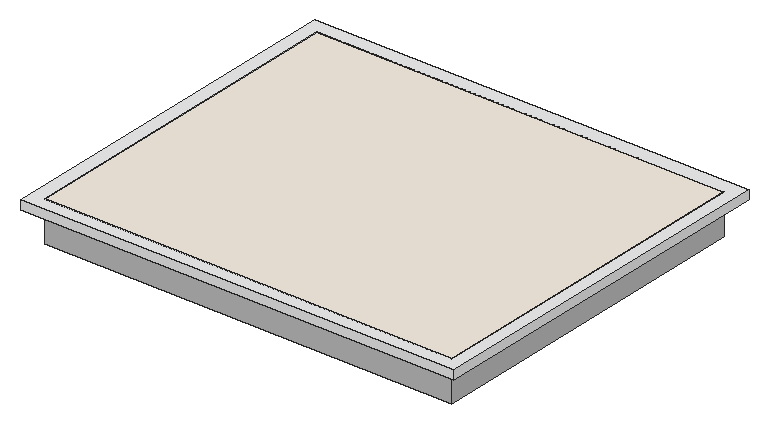
Revit family "Lighting-Industrial-GEWISS-ELIA-HL-LED_HIGHBAY", category Apparecchi per illuminazione, host Superficie, Revit 2019 (continued)
Types (12, lengths in mm): name | Weight (kg): | Weight (kg) | Voltage | Technical sheet | System power | Optic | built-in parameter 1150142 | Lumen output (lm) | Model | IDT | File diagramma fotometrico | Description
    73.99 61.96 50.54 40.24 \r\n31.39 23.89 17.78 12.98 9.52 7.19 5.76 5.33 \r\n4943.60 4943.60 4943.60 4945.30 4945.30 4947.00 4947.85 \r\n4949.55 4951.25 4953.80 4956.35 4958.90 4962.30 4966.55 \r\n4969.95 4974.20 4978.45 4983.55 4988.65 4993.75 4999.70 \r\n5004.80 5009.90 5015.00 5020.95 5026.05 5031.15 5036.25 \r\n5041.35 5046.45 5050.70 5055.80 5060.90 5066.00 5071.10 \r\n5077.05 5082.15 5088.10 5094.05 5100.00 5106.80 5112.75 \r\n5119.55 5127.20 5134.85 5141.65 5150.15 5158.65 5167.15 \r\n5175.65 5184.15 5192.65 5201.15 5207.95 5214.75 5222.40 \r\n5229.20 5234.30 5239.40 5244.50 5249.60 5253.00 5255.55 \r\n5258.95 5260.65 5261.50 5262.35 5262.35 5261.50 5259.80 \r\n5258.10 5254.70 5249.60 5243.65 5237.70 5230.90 5222.40 \r\n5213.05 5202.85 5190.95 5178.20 5164.60 5150.15 5134.85 \r\n5117.85 5099.15 5080.45 5060.05 5039.65 5017.55 4992.90 \r\n4967.40 4939.35 4904.50 4865.40 4819.50 4768.50 4710.70 \r\n4647.80 4578.95 4507.55 4437.00 4364.75 4290.80 4211.75 \r\n4125.05 4032.40 3936.35 3835.20 3730.65 3622.70 3511.35 \r\n3398.30 3288.65 3181.55 3077.00 2975.00 2873.85 2774.40 \r\n2675.80 2578.05 2482.85 2390.20 2296.70 2206.60 2118.20 \r\n2031.50 1945.65 1862.35 1781.60 1704.25 1625.45 1548.53 \r\n1473.81 1401.48 1331.95 1264.20 1196.46 1130.50 1068.28 \r\n1007.93 948.09 889.95 834.87 782.42 733.29 686.88 642.94 \r\n601.29 561.85 524.45 489.17 455.77 424.23 394.06 364.73 \r\n336.35 309.14 282.88 257.21 232.90 211.05 190.31 169.63 \r\n150.09 132.73 116.64 101.13 86.69 73.67 61.69 50.35 40.10 \r\n31.31 23.86 17.78 13.00 9.51 7.16 5.74 5.32 \r\n4943.60 4943.60 4943.60 4945.30 4945.30 4947.00 4947.85 \r\n4949.55 4951.25 4953.80 4956.35 4958.90 4962.30 4965.70 \r\n4970.80 4974.20 4979.30 4983.55 4988.65 4994.60 4999.70 \r\n5004.80 5009.90 5015.00 5020.95 5026.05 5031.15 5036.25 \r\n5041.35 5046.45 5051.55 5055.80 5060.90 5066.00 5071.10 \r\n5076.20 5082.15 5087.25 5094.05 5100.00 5106.80 5112.75 \r\n5119.55 5127.20 5134.00 5142.50 5149.30 5158.65 5167.15 \r\n5175.65 5185.00 5193.50 5201.15 5208.80 5215.60 5223.25 \r\n5229.20 5235.15 5240.25 5244.50 5249.60 5253.00 5255.55 \r\n5258.95 5260.65 5261.50 5263.20 5262.35 5261.50 5259.80 \r\n5257.25 5253.85 5249.60 5243.65 5236.85 5230.05 5221.55 \r\n5212.20 5202.00 5190.10 5178.20 5163.75 5150.15 5133.15 \r\n5116.15 5099.15 5080.45 5060.05 5038.80 5017.55 4993.75 \r\n4968.25 4939.35 4904.50 4865.40 4820.35 4771.05 4712.40 \r\n4649.50 4578.95 4507.55 4436.15 4364.75 4290.80 4211.75 \r\n4125.05 4031.55 3935.50 3834.35 3731.50 3624.40 3512.20 \r\n3400.00 3289.50 3182.40 3077.00 2975.00 2874.70 2775.25 \r\n2675.80 2578.05 2483.70 2390.20 2298.40 2207.45 2119.05 \r\n2032.35 1945.65 1861.50 1782.45 1704.25 1625.96 1548.36 \r\n1472.63 1399.27 1329.40 1261.65 1193.99 1128.38 1066.15 \r\n1005.89 946.13 888.16 832.91 780.55 731.51 685.27 641.41 \r\n599.84 560.41 523.17 488.07 454.83 423.38 393.13 363.88 \r\n335.67 308.55 282.37 256.62 232.39 210.54 189.98 169.20 \r\n149.57 132.16 116.08 100.66 86.32 73.36 61.45 50.17 39.97 \r\n31.23 23.82 17.78 13.02 9.51 7.13 5.71 5.31 \r\n4943.60 4943.60 4943.60 4945.30 4945.30 4947.00 4947.85 \r\n4949.55 4951.25 4953.80 4955.50 4958.90 4962.30 4965.70 \r\n4970.80 4974.20 4979.30 4984.40 4989.50 4994.60 4999.70 \r\n5004.80 5009.90 5015.85 5021.80 5026.90 5032.00 5037.10 \r\n5041.35 5046.45 5051.55 5055.80 5060.90 5066.00 5071.10 \r\n5076.20 5082.15 5087.25 5094.05 5100.00 5105.95 5112.75 \r\n5119.55 5126.35 5134.00 5141.65 5150.15 5158.65 5167.15 \r\n5176.50 5185.00 5193.50 5202.00 5208.80 5216.45 5223.25 \r\n5230.05 5235.15 5240.25 5245.35 5248.75 5253.85 5256.40 \r\n5258.95 5260.65 5261.50 5263.20 5262.35 5261.50 5259.80 \r\n5256.40 5253.00 5249.60 5243.65 5236.85 5228.35 5220.70 \r\n5211.35 5201.15 5190.10 5177.35 5163.75 5149.30 5133.15 \r\n5116.15 5098.30 5078.75 5059.20 5038.80 5016.70 4993.75 \r\n4969.10 4940.20 4905.35 4865.40 4821.20 4771.90 4713.25 \r\n4649.50 4579.80 4507.55 4437.00 4364.75 4289.95 4210.90 \r\n4123.35 4031.55 3933.80 3834.35 3731.50 3624.40 3513.90 \r\n3400.85 3290.35 3181.55 3077.85 2975.85 2874.70 2775.25 \r\n2675.80 2578.90 2484.55 2391.05 2299.25 2207.45 2119.05 \r\n2032.35 1945.65 1861.50 1783.30 1705.10 1626.31 1548.19 \r\n1471.52 1397.31 1327.19 1259.19 1191.87 1126.51 1064.28 \r\n1004.11 944.43 886.55 831.22 778.77 729.89 683.83 640.05 \r\n598.57 559.22 522.07 487.13 453.98 422.45 392.36 363.12 \r\n335.07 308.04 281.94 256.19 231.79 210.12 189.63 168.82 \r\n149.08 131.65 115.58 100.23 85.98 73.08 61.23 50.00 39.86 \r\n31.16 23.78 17.77 13.03 9.50 7.10 5.68 5.30 \r\n4943.60 4943.60 4943.60 4945.30 4945.30 4947.00 4947.00 \r\n4948.70 4951.25 4953.80 4955.50 4958.90 4962.30 4965.70 \r\n4970.80 4974.20 4979.30 4984.40 4989.50 4994.60 4999.70 \r\n5004.80 5009.90 5016.70 5021.80 5026.90 5032.00 5037.10 \r\n5042.20 5046.45 5050.70 5055.80 5060.90 5066.00 5071.10 \r\n5076.20 5081.30 5088.10 5094.05 5100.00 5105.95 5112.75 \r\n5119.55 5126.35 5134.00 5141.65 5150.15 5158.65 5168.00 \r\n5176.50 5185.00 5193.50 5202.00 5208.80 5216.45 5223.25 \r\n5230.05 5235.15 5240.25 5245.35 5249.60 5253.00 5256.40 \r\n5258.95 5261.50 5261.50 5263.20 5262.35 5261.50 5259.80 \r\n5256.40 5253.00 5248.75 5242.80 5236.00 5228.35 5219.85 \r\n5211.35 5201.15 5189.25 5176.50 5163.75 5149.30 5133.15 \r\n5116.15 5097.45 5078.75 5059.20 5037.95 5016.70 4994.60 \r\n4969.10 4940.20 4905.35 4866.25 4822.05 4772.75 4714.10 \r\n4651.20 4580.65 4508.40 4437.00 4363.90 4289.95 4210.05 \r\n4122.50 4029.85 3932.95 3833.50 3731.50 3626.10 3513.90 \r\n3401.70 3290.35 3181.55 3077.85 2975.85 2875.55 2775.25 \r\n2676.65 2579.75 2484.55 2391.90 2300.10 2208.30 2119.90 \r\n2033.20 1946.50 1861.50 1783.30 1705.95 1626.64 1548.11 \r\n1470.59 1395.53 1325.15 1257.23 1190.00 1124.81 1062.76 \r\n1002.58 942.99 885.11 829.77 777.33 728.53 682.55 638.78 \r\n597.38 558.20 521.13 486.29 453.22 421.77 391.60 362.52 \r\n334.48 307.62 281.61 255.76 231.37 209.78 189.38 168.49 \r\n148.67 131.21 115.16 99.88 85.69 72.84 61.03 49.85 39.76 \r\n31.08 23.74 17.77 13.04 9.50 7.07 5.66 5.29 \r\n4943.60 4943.60 4943.60 4945.30 4945.30 4947.00 4947.00 \r\n4948.70 4952.10 4953.80 4955.50 4958.90 4962.30 4965.70 \r\n4970.80 4974.20 4979.30 4984.40 4989.50 4994.60 4999.70 \r\n5004.80 5009.90 5016.70 5021.80 5026.90 5032.00 5037.10 \r\n5042.20 5047.30 5050.70 5055.80 5060.90 5066.00 5071.10 \r\n5076.20 5081.30 5088.10 5093.20 5100.00 5106.80 5111.90 \r\n5118.70 5127.20 5134.00 5142.50 5151.00 5159.50 5168.00 \r\n5176.50 5185.00 5193.50 5202.00 5208.80 5217.30 5224.10 \r\n5229.20 5236.00 5241.10 5244.50 5249.60 5253.00 5256.40 \r\n5259.80 5261.50 5261.50 5263.20 5261.50 5261.50 5259.80 \r\n5256.40 5253.00 5247.90 5242.80 5236.00 5227.50 5219.00 \r\n5210.50 5200.30 5188.40 5176.50 5162.90 5149.30 5132.30 \r\n5115.30 5096.60 5077.90 5057.50 5037.10 5016.70 4994.60 \r\n4969.10 4940.20 4906.20 4867.10 4822.90 4771.90 4715.80 \r\n4651.20 4581.50 4508.40 4437.00 4363.90 4289.10 4210.90 \r\n4122.50 4029.00 3932.10 3833.50 3731.50 3626.10 3515.60 \r\n3401.70 3291.20 3182.40 3078.70 2976.70 2874.70 2776.10 \r\n2677.50 2578.90 2485.40 2391.90 2300.10 2210.00 2119.90 \r\n2033.20 1946.50 1861.50 1783.30 1706.80 1626.90 1547.85 \r\n1469.82 1394.17 1323.45 1255.62 1188.47 1123.53 1061.65 \r\n1001.47 941.80 884.17 828.75 776.22 727.43 681.70 637.84 \r\n596.53 557.43 520.37 485.69 452.71 421.26 391.00 362.10 \r\n334.05 307.36 281.35 255.51 231.03 209.44 189.21 168.23 \r\n148.36 130.87 114.82 99.59 85.46 72.66 60.88 49.74 39.68 \r\n31.04 23.71 17.75 13.04 9.49 7.05 5.64 5.29 \r\n" | "17000" | "GWF1000MM840" | "a2c53262-2789-48e4-8547-ea54356028cc" | "GWF1000MM840.IES" | "ELIA HL M2 120° 4000K S.ALONE ON/OFF"
